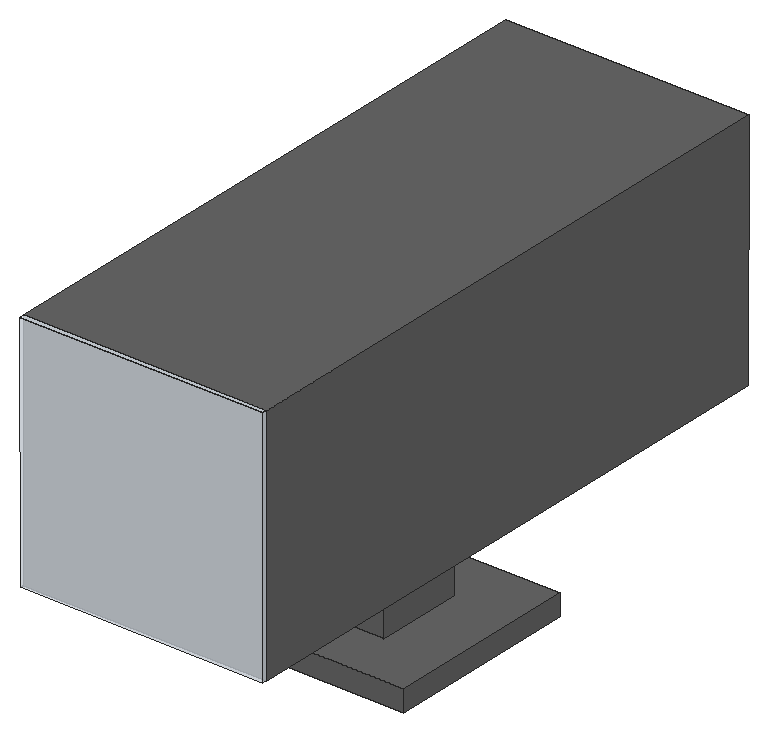
Revit family "LTC-4SQD-W", category Lighting Fixtures, host Face, Revit 2017
Family settings
  Host = Face
  Round Connector Dimension = Use Diameter
  Part Type = Normal
  OmniClass Number = 23.80.70.11.14.11
  OmniClass Title = Downlights
  Cut with Voids When Loaded = No
  Light Source = Yes
  Shared = No
  Room Calculation Point = No
Parameters (values of type "LTC-4SQDPH-W")
  Wattage Comments = "8-52W"  # constant formula
  Wattage = 70 W
  Warranty = "• 5 year warranty\r\n• See HLI Standard Warranty for\r\nadditional information"  # constant formula
  built-in parameter 1150110 = 1 (stored number, unit not read)
  Voltage = 120 V
  built-in parameter 1114217 = 1 (stored number, unit not read)
  Tilt Angle = -90.00°  # constant formula
  built-in parameter 1150109 = 1 (stored number, unit not read)
  built-in parameter 1150134 = 3
  built-in parameter 1150113 = 1 (stored number, unit not read)
  Photometric Web File = "LTC-4SQDPH-P-06L35K8MD-PM-S-BL.ies"
  Features = "•\t4inch architectural LED downlight cylinder delivering 600 - 2000 lm \r\n•\tFive beam distributions from 0.4 to 1.2 Spacing Criteria \r\n•\tQuiet reflector appearance with 50º optical cutoff\r\n•\t2700K - 5000K, 80+ and 90+ CRI options\r\n•\tAvailable in Surface, Wall, Pendant or Cable/Cord Mount configurations\r\n•\tVersatile canopy options for recessed and surface-mounted J-box applications \r\n•\tPowerHUBB™ enables low-voltage wired connectivity for Power over Ethernet (PoE) network system deployment\r\n"  # constant formula
  built-in parameter 1150105 = -12994800 (stored number, unit not read)
  Lumens = 4900 lm
  built-in parameter 1150115 = 1 (stored number, unit not read)
  built-in parameter 1150137 = (empty or 0)
  built-in parameter 1150139 = (empty or 0)
  built-in parameter 1150112 = 1 (stored number, unit not read)
  built-in parameter 1150114 = 1 (stored number, unit not read)
  built-in parameter 1150132 = (empty or 0)
  built-in parameter 1150102 = (empty or 0)
  built-in parameter 1150107 = 3200 (stored number, unit not read)
  built-in parameter 1150138 = (empty or 0)
  built-in parameter 1150106 = -129948 (stored number, unit not read)
  Emit from Rectangle Width = 5.500"  # constant formula
  Emit from Rectangle Length = 5.500"  # constant formula
  Emit Shape Visible in Rendering = no
  built-in parameter 1150104 = 6.5032 (stored number, unit not read)
  Distance = 8.480"
  Dimming Lamp Color Temperature Shift = <None>
  Copyright = "© 2021 Prescolite, a division of Hubbell Lighting, Inc"  # constant formula
  Contact us = "https://www.hubbell.com/prescolite/en/contactUs"
  Color Filter = 16777215
  Certifications = "• cCSAus certified to UL 1598\r\n• Wall Mount: Suitable for wet locations\r\n• Surface & Pendant Mount: Suitable for wet\r\nlocations under covered ceiling\r\n• Cord Mount and all Wall Wash: Suitable for\r\ndamp locations"  # constant formula
  Canopy Distance = 4.500"
  Canopy Depth = 0.500"
  built-in parameter 1114218 = 1 (stored number, unit not read)
  Ballast = Paint - Hubbell - Carbon Black
  URL = "https://www.hubbell.com/prescolite/en"
  Product Page URL = "https://www.hubbell.com/prescolite/en/Products/Lighting-Controls/Commercial-Indoor-Lighting/Cylinders/LITEISTRY-4-Square-Cylinder-wPowerHUBB/p/3775897"
  Product Documentation Link = "https://hubbellcdn.com/specsheet/LTC-4SQDPH%20PowerHUBB.pdf"
  Model = "LTC-4SQDPH"  # constant formula
  Manufacturer = "Prescolite"  # constant formula
  Lamp = "LED Lamp"
  Reflector = Glass - Hubbell - Glass
  Description = "LITEISTRY™ 4inch Square Cylinder with Powerhubb "  # constant formula
  Default Elevation = 48.000"
  Backbox = Hubbell - Matt Black
  built-in parameter 1150133 = 10 (stored number, unit not read)
  Apparent Load = 72 VA  # constant formula
Types (3): name | Distance | Canopy Distance | Canopy Depth
  (no name) | 8.480" | 4.500" | 0.500"
  LTC-4SQDPH-W | 8.480" | 4.500" | 0.500"
  LTC-4SQDPH-WCC | 10.680" | 5.740" | 3.000"
Reference planes (in)
  plane 1 "Center (Front/Back)": y = 0
  plane 2: z = 0
  plane 3 "Center (Left/Right)": x = 0
  plane 4: z = 2.88
  plane 5: z = 0.5
  plane 6: y = 2.25
  plane 7: y = -2.25
  plane 8: y = 7
  plane 9: y = -7
  plane 10: x = -2.25
  plane 11: x = 2.25
  plane 12: x = -2.8
  plane 13: x = 2.8
  plane 14: z = 8.48
  plane 15: z = 5.68
Forms (in)
  Extrusion 1, solid, material "Hubbell - Matt Black" <- "Backbox"
    sketch origin (0, 0.00841, 1.00792) x (0, 1, 0) y (0, 0, 1)
      loop
        line (2.24159, -1.00792) -> (2.24159, -0.50792) -> (-2.25841, -0.50792) -> (-2.25841, -1.00792) -> (2.24159, -1.00792)
    from -2.25 to 2.25
  Extrusion 2, solid, material "Paint - Hubbell - Carbon Black" <- "Ballast"
    sketch origin (0, 0.00841, 0) x (0, 1, 0) y (0, 0, 1)
      loop
        line (0.97237, 0.3077) -> (0.97237, 2.88) -> (-1.03763, 2.88) -> (-1.03763, 0.3077) -> (0.97237, 0.3077)
    from -0.88539 to 0.81657
  Extrusion 3, solid, material "Paint - Hubbell - Carbon Black" <- "Ballast"
    sketch origin (0, 1, 2.18) x (0, 1, 0) y (0, 0, 1)
      loop
        line (6, 6.3) -> (-7.89784, 6.3) -> (-7.89784, 0.7) -> (6, 0.7) -> (6, 6.3)
    from -2.8 to 2.8
  Extrusion 4, solid, material "Glass - Hubbell - Glass" <- "Reflector"
    sketch origin (0, -0.89784, 3.28125) x (1, 0, 0) y (0, 0, 1)
      loop
        line (-2.8, -0.40125) -> (2.8, -0.40125) -> (2.8, 5.19875) -> (-2.8, 5.19875) -> (-2.8, -0.40125)
    from 6 to 6.1
Dimensions and locks (in)
  locked: Extrusion 2 sketch curve to Extrusion 2 sketch curve at 2.01
  plane 8 to plane 9 = 14.000"
  equal spacing: plane 6, plane 1 "Center (Front/Back)", plane 7
  "Canopy Distance": plane 6 to plane 7
  "Canopy Depth": plane 5 to level
  equal spacing: plane 11, plane 3 "Center (Left/Right)", plane 10
  "Canopy Distance": plane 11 to plane 10
  "Distance": plane 14 to plane 2
  locked: plane 14 to plane 4 at 5.6
  plane 14 to plane 15 to plane 5 = 2.800", 5.180"
  aligned and locked: plane 2 to host face
  aligned and locked: plane 3 "Center (Left/Right)" to imposter light
  aligned and locked: plane 4 to Extrusion 3 sketch curve
  aligned and locked: Extrusion 1 to plane 6
  aligned and locked: plane 7 to Extrusion 1
  aligned and locked: plane 5 to Extrusion 1
  aligned and locked: Extrusion 1 to plane 10
  aligned and locked: plane 11 to Extrusion 1
  aligned and locked: Extrusion 3 to Extrusion 4
  aligned and locked: plane 14 to Extrusion 3
  aligned and locked: plane 14 to Extrusion 4
  aligned and locked: Extrusion 4 sketch curve to Extrusion 3
  aligned and locked: plane 14 to Extrusion 4 sketch curve
  aligned and locked: Extrusion 2 to Extrusion 3
  aligned and locked: imposter light to plane 15
  aligned and locked: plane 9 to imposter light
Automatic sketch dimensions
  host sketch curve to host sketch curve = 96.000"  (x2)
  Extrusion 1 sketch curve to level = 0.000"
  plane 1 "Center (Front/Back)" to Extrusion 1 sketch curve = 2.250"
  level to Extrusion 1 sketch curve = 0.500"
  Extrusion 1 sketch curve to plane 1 "Center (Front/Back)" = 2.250"
  level to Extrusion 2 sketch curve = 0.3077"
  plane 1 "Center (Front/Back)" to Extrusion 2 sketch curve = 1.02922"
  plane 5 to Extrusion 2 sketch curve = 2.380"
  plane 7 to Extrusion 3 sketch curve = 4.64784"
  plane 8 to Extrusion 3 sketch curve = 0.000"
  plane 5 to Extrusion 3 sketch curve = 7.980"
  Extrusion 4 sketch curve to plane 12 = 0.000"
  Extrusion 4 sketch curve to plane 13 = 0.000"
Connectors (in)
  electrical at (0, 0, 0), driven by "Description", driven by "Voltage", driven by "Apparent Load"
    settings: index 1, voltage 120 V, apparent load 72 VA, apparent load phase1 0 VA, apparent load phase2 0 VA, apparent load phase3 0 VA, power factor 1, load classification "Other", number of poles 1, system type 30, power factor state 1, is connector primary yes, connector utility no, sub classification motor no, connector description "LITEISTRY™ 4inch Square Cylinder with Powerhubb "
